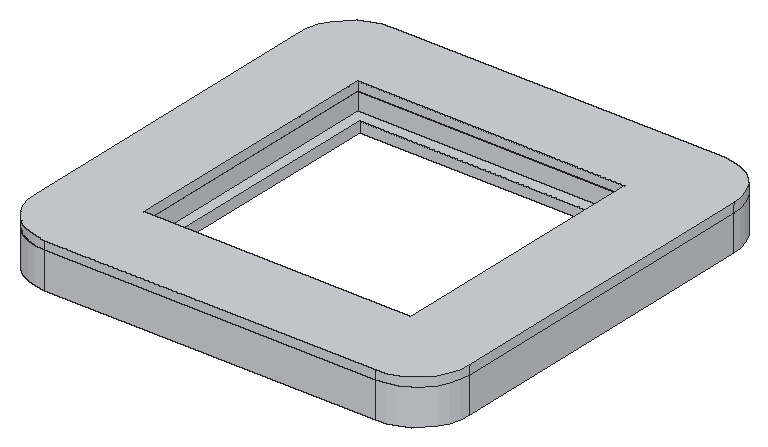
Revit family "Gira_0211411", category Electrical Fixtures, host Face, Revit 2017
Family settings
  Host = Face
  Maintain Annotation Orientation = No
  Round Connector Dimension = Use Diameter
  Part Type = Normal
  Cut with Voids When Loaded = No
  Shared = No
  Room Calculation Point = No
Parameters (values of type "Cov.fr. 1-g Gira E3 light grey/p.white")
  URL = "http://katalog.gira.de/en/datenblatt.html?artikelnr=0211411"
  Transparent = "No"
  Name = "Cov.fr. 1-g Gira E3 light grey/p.white"
  Manufacturer URL = "https://www.gira.de/"
  Manufacturer = "Gira"
  Keynote = ""
  HeinzeBIM = "https://bimportal.heinze.de/bim/cov-fr-1-g-gira-e3-light-grey-p-white/d00268bdc5bfb8c5c4d4644b4a98dc58597ecbae"
  HAN = "0211411"
  GTIN = "4010337023777"
  Description = "Cov.fr.1g E3 LgyRw,Gira E3 cover frame,light grey soft touch with pure white glossy intermediate frame,1-gang,Features:,- Shatter-proof.,,Notes :,- Soft-touch surface,- NCS value: approx. NCS S-2000 N"
  Default Elevation = 1219.2 mm
  Data sheet (1) = "https://katalog.gira.de/en/download.html?artikelnr=0211411"
  Category = "Cover frame for domestic switching devices"
  BIM (1) = "https://media.stage.bim.site/public/gira/36a6b08/E3_Rahmen_1fach.rfa"
  Available = "No"
Reference planes
  plane 1 "Center (Front/Back)": y = 0
  plane 2: z = 0
  plane 3 "Center (Left/Right)": x = 0
Forms (mm)
  Extrusion 1, solid, detail levels fine
    sketch origin (0, 0, 0) x (1, 0, 0) y (0, 1, 0)
      loop
        arc (-34.8, 45.809) -> (-42.585, 42.585) -> (-45.809, 34.8) r 11.009
        line (-45.809, 34.8) -> (-45.809, -34.8)
        arc (-45.809, -34.8) -> (-42.585, -42.585) -> (-34.8, -45.809) r 11.009
        line (-34.8, -45.809) -> (34.8, -45.809)
        arc (34.8, -45.809) -> (42.585, -42.585) -> (45.809, -34.8) r 11.009
        line (45.809, -34.8) -> (45.809, 34.8)
        arc (45.809, 34.8) -> (42.585, 42.585) -> (34.8, 45.809) r 11.009
        line (34.8, 45.809) -> (-34.8, 45.809)
      loop
        line (28.187, 28.156) -> (-28.187, 28.156) -> (-28.187, -28.156) -> (28.187, -28.156) -> (28.187, 28.156)
    from 7.65 to 9.5
  Extrusion 2, solid, detail levels fine
    sketch origin (0, 0, 0) x (1, 0, 0) y (0, 1, 0)
      loop
        line (25.7, 25.7) -> (-25.7, 25.7) -> (-25.7, -25.7) -> (25.7, -25.7) -> (25.7, 25.7)
      loop
        line (-28.187, -28.156) -> (28.187, -28.156) -> (28.187, 28.156) -> (-28.187, 28.156) -> (-28.187, -28.156)
    from 1.65 to 3.9
  Extrusion 3, solid, detail levels fine
    sketch origin (0, 0, 0) x (1, 0, 0) y (0, 1, 0)
      loop
        arc (-34.8, 45.809) -> (-42.585, 42.585) -> (-45.809, 34.8) r 11.009
        line (-45.809, 34.8) -> (-45.809, -34.8)
        arc (-45.809, -34.8) -> (-42.585, -42.585) -> (-34.8, -45.809) r 11.009
        line (-34.8, -45.809) -> (34.8, -45.809)
        arc (34.8, -45.809) -> (42.585, -42.585) -> (45.809, -34.8) r 11.009
        line (45.809, -34.8) -> (45.809, 34.8)
        arc (45.809, 34.8) -> (42.585, 42.585) -> (34.8, 45.809) r 11.009
        line (34.8, 45.809) -> (-34.8, 45.809)
      loop
        line (-43.843, 34.785) -> (-43.843, -34.785)
        arc (-43.843, -34.785) -> (-41.19, -41.19) -> (-34.785, -43.843) r 9.058
        line (-34.785, -43.843) -> (34.785, -43.843)
        arc (34.785, -43.843) -> (41.19, -41.19) -> (43.843, -34.785) r 9.058
        line (43.843, -34.785) -> (43.843, 34.785)
        arc (43.843, 34.785) -> (41.19, 41.19) -> (34.785, 43.843) r 9.058
        line (34.785, 43.843) -> (-34.785, 43.843)
        arc (-34.785, 43.843) -> (-41.19, 41.19) -> (-43.843, 34.785) r 9.058
    from 0 to 7.65
  Extrusion 4, solid, detail levels fine
    sketch origin (0, 0, 0) x (1, 0, 0) y (0, 1, 0)
      loop
        line (-27.337, -31.075) -> (27.337, -31.075)
        arc (27.337, -31.075) -> (29.98, -29.98) -> (31.075, -27.337) r 3.739
        line (31.075, -27.337) -> (31.075, 27.337)
        arc (31.075, 27.337) -> (29.98, 29.98) -> (27.337, 31.075) r 3.739
        line (27.337, 31.075) -> (-27.337, 31.075)
        arc (-27.337, 31.075) -> (-29.98, 29.98) -> (-31.075, 27.337) r 3.739
        line (-31.075, 27.337) -> (-31.075, -27.337)
        arc (-31.075, -27.337) -> (-29.98, -29.98) -> (-27.337, -31.075) r 3.739
      loop
        line (-29.925, 27.537) -> (-29.925, -27.537)
        arc (-29.925, -27.537) -> (-29.226, -29.226) -> (-27.537, -29.925) r 2.389
        line (-27.537, -29.925) -> (27.537, -29.925)
        arc (27.537, -29.925) -> (29.226, -29.226) -> (29.925, -27.537) r 2.389
        line (29.925, -27.537) -> (29.925, 27.537)
        arc (29.925, 27.537) -> (29.226, 29.226) -> (27.537, 29.925) r 2.389
        line (27.537, 29.925) -> (-27.537, 29.925)
        arc (-27.537, 29.925) -> (-29.226, 29.226) -> (-29.925, 27.537) r 2.389
    from 1.65 to 7.65
  Extrusion 5, solid, detail levels fine
    sketch origin (0, 0, 0) x (1, 0, 0) y (0, 1, 0)
      loop
        line (-32.053, -39.8) -> (32.053, -39.8)
        arc (32.053, -39.8) -> (37.667, -36.708) -> (39.9, -30.7) r 9.2
        line (39.9, -30.7) -> (39.9, 30.7)
        arc (39.9, 30.7) -> (37.205, 37.205) -> (30.7, 39.9) r 9.2
        line (30.7, 39.9) -> (-30.7, 39.9)
        arc (-30.7, 39.9) -> (-37.205, 37.205) -> (-39.9, 30.7) r 9.2
        line (-39.9, 30.7) -> (-39.9, -30.7)
        arc (-39.9, -30.7) -> (-37.667, -36.708) -> (-32.053, -39.8) r 9.2
      loop
        line (-30.7, -31.7) -> (30.7, -31.7)
        arc (30.7, -31.7) -> (31.407, -31.407) -> (31.7, -30.7) r 1
        line (31.7, -30.7) -> (31.7, 30.7)
        arc (31.7, 30.7) -> (31.407, 31.407) -> (30.7, 31.7) r 1
        line (30.7, 31.7) -> (-30.7, 31.7)
        arc (-30.7, 31.7) -> (-31.407, 31.407) -> (-31.7, 30.7) r 1
        line (-31.7, 30.7) -> (-31.7, -30.7)
        arc (-31.7, -30.7) -> (-31.407, -31.407) -> (-30.7, -31.7) r 1
    from 1.65 to 3.9
  Extrusion 6, solid, detail levels fine
    sketch origin (0, 0, 0) x (1, 0, 0) y (0, 1, 0)
      loop
        line (-28.187, 28.156) -> (-28.187, -28.156) -> (28.187, -28.156) -> (28.187, 28.156) -> (-28.187, 28.156)
      loop
        line (-29.925, 29.925) -> (-29.925, -29.925) -> (29.925, -29.925) -> (29.925, 29.925) -> (-29.925, 29.925)
    from 1.65 to 7.65
  Extrusion 7, solid, detail levels coarse+medium
    sketch origin (0, 0, 0) x (1, 0, 0) y (0, 1, 0)
      loop
        line (-45.809, 45.809) -> (-45.809, -45.809) -> (45.809, -45.809) -> (45.809, 45.809) -> (-45.809, 45.809)
    from 0 to 9.5
Dimensions and locks
  aligned and locked: plane 2 to host face
  aligned and locked: level to host face
